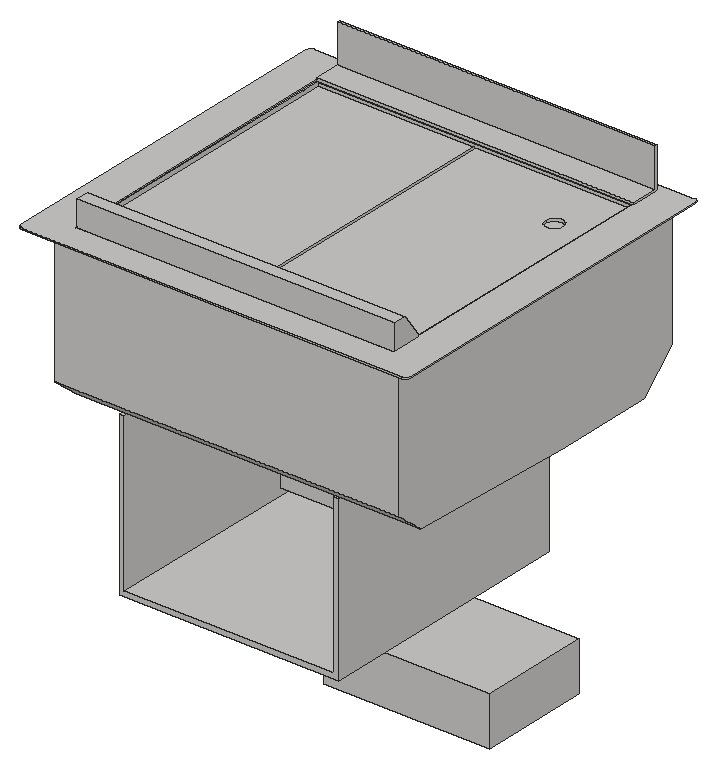
Revit family "QF_ELECTROLUXPROFESSIONAL_341046_D12C2", category Specialty Equipment, Revit 2018
Family settings
  Round Connector Dimension = Use Diameter
  Part Type = Normal
  Work Plane-Based = No
  Always vertical = Yes
  Cut with Voids When Loaded = No
  Shared = No
  Room Calculation Point = No
Parameters (values of type "Standard")
  Weight = 0.00 kg
  Watts = 0 W
  Volts = 220 V
  URL Manufacturer = "http://professional.electrolux.com"
  URL = "http://professional.electrolux.com"
  Steam Supply Size = 0 mm
  Steam Supply Minimum Pressure = 0.0 Pa
  Steam Supply Maximum Pressure = 0.0 Pa
  Steam Pounds per Hour = 0
  Show Clearance [instance] = yes
  Remote Electrical Box_Z [instance] = 200.00 mm
  Remote Electrical Box_Y [instance] = 500.00 mm
  Remote Electrical Box_X [instance] = 600.00 mm
  Refrigeration Suction Line Size = 0 mm
  Refrigeration Liquid Line Size = 0 mm
  Refrigerant Compressor Remote = yes
  Manufacturer = "Electrolux Professional"
  Phase = 1
  Model = "D12C2"
  Length Actual = 800.00 mm  # constant formula
  Item Number = "341046"
  Hot Water Size = 0 mm
  Height Actual = 710.00 mm  # constant formula
  HP = "0 HP"
  Gas Size = 0 mm
  Gas KW = 0
  Gas Input Pressure = 0 W
  Direct Waste Size = 25.4 mm
  Description = "DROP-IN REFRIGERATED WELL, VENTILATED, 2GN"
  Depth Actual = 750.00 mm  # constant formula
  Cycle = 50 Hz
  Controller_Y [instance] = 500.00 mm
  Controller_1Z [instance] = 200.00 mm
  Controller_1X [instance] = 300.00 mm
  Condensate Return Size = 0 mm
  Compressed Air Volume = 0.0 L/s
  Compressed Air Size = 0 mm
  Compressed Air Pressure = 0.0 Pa
  Cold Water Size = 0 mm
  Accessory = yes
Types (2, lengths in mm): name | Volts | URL Manufacturer | URL | Manufacturer | Phase | Model | Item Number | Description | Cycle
  341046.rfa | 0 V | "" | 0.00 | 0.00 | 0 | 0.00 | "" | 0.00 | 0 Hz
  Standard | 220 V | "http://professional.electrolux.com" | "http://professional.electrolux.com" | "Electrolux Professional" | 1 | "D12C2" | "341046" | "DROP-IN REFRIGERATED WELL, VENTILATED, 2GN" | 50 Hz
Reference planes
  plane 1 "Centro (Fronte/Retro)": y = 74.737
  plane 2: z = 0
  plane 3 "BACK": y = 449.737
  plane 4 "FRONT": y = -300.263
  plane 5 "RIGHT": x = -114.269
  plane 6 "LEFT": x = -914.269
  plane 7: x = -514.269
  plane 8 "TOP": z = 900
  plane 9: y = 417.737
  plane 10: y = -268.263
  plane 11: x = -160.769
  plane 12: x = -867.769
  plane 13: y = 418.957
  plane 14: y = -244.483
  plane 15: x = -840.269
  plane 16: x = -188.269
  plane 17: z = 898
  plane 18: x = -789.269
  plane 19: x = -339.269
  plane 20: x = -777.269
  plane 21: x = -351.269
  plane 22: x = -517.269
  plane 23: x = -511.269
  plane 24: x = -837.269
  plane 25: x = -191.269
  plane 26: y = -229.763
  plane 27: y = 404.237
  plane 28: z = 554
  plane 29: z = 220
  plane 30 "1": y = 258.737
  plane 31: x = -285.019
  plane 32: x = -258.269
  plane 33: y = -195.263
  plane 34: y = 344.737
  plane 35: x = -614.269
  plane 36: x = -314.269
  plane 37: y = -50.263
  plane 38: y = -50.263
  plane 39: z = 200
  plane 40: z = 200
Forms (mm)
  Extrusion 1, solid, material "QF_Finishes_Stainless Steel"
    sketch origin (0, 0, 900) x (-1, 0, 0) y (0, -1, 0)
      loop
        arc (904.269, -449.737) -> (911.34, -446.808) -> (914.269, -439.737) r 10
        line (914.269, -439.737) -> (914.269, 290.263)
        arc (914.269, 290.263) -> (911.34, 297.334) -> (904.269, 300.263) r 10
        line (904.269, 300.263) -> (124.269, 300.263)
        arc (124.269, 300.263) -> (117.198, 297.334) -> (114.269, 290.263) r 10
        line (114.269, 290.263) -> (114.269, -439.737)
        arc (114.269, -439.737) -> (117.198, -446.808) -> (124.269, -449.737) r 10
        line (124.269, -449.737) -> (904.269, -449.737)
      loop
        line (840.269, -418.957) -> (840.269, 244.483) -> (188.269, 244.483) -> (188.269, -418.957) -> (840.269, -418.957)
    from 0 to -2
  Extrusion 2, solid, material "QF_Finishes_Stainless Steel"
    sketch origin (232.311, 312.737, -30) x (0, -1, 0) y (0, 0, -1)
      loop
        line (107.587, -275.78) -> (-12.604, -275.78) -> (-12.604, -542.28) -> (107.587, -542.28) -> (107.587, -275.78)
    from -1009.58 to -583.58
  Extrusion 3, solid, material "QF_Finishes_Stainless Steel"
    sketch origin (231.731, 362.737, 0) x (0, -1, 0) y (0, 0, -1)
      loop
        line (625.5, -614.14) -> (569.68, -567.301) -> (204.019, -554) -> (-4.68, -554) -> (-74.5, -623.82) -> (-74.5, -898) -> (625.5, -898) -> (625.5, -614.14)
    from -1099.5 to -392.5
  Extrusion 4, solid, material "QF_Finishes_Stainless Steel"
    sketch origin (231.731, 362.737, 0) x (0, -1, 0) y (0, 0, -1)
      loop
        line (603, -950.5) -> (603, -898) -> (543, -898) -> (543, -905.079) -> (576, -950.5) -> (603, -950.5)
      loop
        line (-72, -983) -> (-67, -983) -> (-67, -903) -> (-12, -903) -> (-12, -898) -> (-72, -898) -> (-72, -983)
    from -1072 to -420
  Extrusion 5, void
    sketch origin (0, 0, 900) x (-1, 0, 0) y (0, -1, 0)
      loop
        line (837.269, 180.263) -> (191.269, 180.263) -> (191.269, -374.737) -> (837.269, -374.737) -> (837.269, 180.263)
    from 0 to -15
  Extrusion 6, solid, material "QF_Finishes_Stainless Steel"
    sketch origin (0, 0, 900) x (-1, 0, 0) y (0, -1, 0)
      loop
        line (517.269, -374.737) -> (837.269, -374.737) -> (837.269, 180.263) -> (517.269, 180.263) -> (517.269, -374.737)
    from -15 to -10
  Extrusion 7, solid, material "QF_Finishes_Stainless Steel"
    sketch origin (-1028.537, 0, 900) x (1, 0, 0) y (0, 1, 0)
      loop
        line (517.269, 374.737) -> (517.269, -180.263) -> (837.269, -180.263) -> (837.269, 374.737) -> (517.269, 374.737)
    from -15 to -10
  Extrusion 8, solid, material "QF_Finishes_Stainless Steel"
    sketch origin (0, 0, 900) x (-1, 0, 0) y (0, -1, 0)
      loop
        circle (258.269, -258.737) r 18
    from -346 to -391
  Extrusion 9, void
    sketch origin (0, 0, 900) x (-1, 0, 0) y (0, -1, 0)
      loop
        circle (258.269, -258.737) r 18
    from 14.206 to -364.69
  Extrusion 10, solid, material "QF_Finishes_Stainless Steel"
    sketch origin (231.731, -231.263, 456) x (0, 0, 1) y (-1, 0, 0)
      loop
        line (97.69, 1021) -> (-236, 1021) -> (-236, 571) -> (98, 571) -> (98, 581) -> (-226, 581) -> (-226, 1011) -> (97.69, 1011) -> (97.69, 1021)
    from -576 to -36
Cuts and joins
  Extrusion 5 cuts Extrusion 4
  Extrusion 5 cuts Extrusion 3
  Extrusion 9 cuts Extrusion 7
Lines and regions (mm)
  symbolic lines
    curve 1: line (-124.269, 449.737, 900) -> (-904.269, 449.737, 900)
    curve 2: arc (-904.269, 449.737, 900) -> (-911.34, 446.808, 900) -> (-914.269, 439.737, 900) r 10
    curve 3: line (-914.269, 439.737, 900) -> (-914.269, -290.263, 900)
    curve 4: arc (-914.269, -290.263, 900) -> (-911.34, -297.334, 900) -> (-904.269, -300.263, 900) r 10
    curve 5: line (-904.269, -300.263, 900) -> (-124.269, -300.263, 900)
    curve 6: arc (-124.269, -300.263, 900) -> (-117.198, -297.334, 900) -> (-114.269, -290.263, 900) r 10
    curve 7: line (-114.269, -290.263, 900) -> (-114.269, 439.737, 900)
    curve 8: arc (-114.269, 439.737, 900) -> (-117.198, 446.808, 900) -> (-124.269, 449.737, 900) r 10
    curve 9: line (-840.269, 434.737, 900) -> (-188.269, 434.737, 900)
    curve 10: line (-188.269, 434.737, 900) -> (-188.269, -244.483, 900)
    curve 11: line (-188.269, -244.483, 900) -> (-840.269, -244.483, 900)
    curve 12: line (-840.269, -244.483, 900) -> (-840.269, 434.737, 900)
    curve 13: line (-188.269, 429.737, 900) -> (-840.269, 429.737, 900)
    curve 14: line (-840.269, 374.737, 900) -> (-188.269, 374.737, 900)
    curve 15: line (-188.269, -180.263, 900) -> (-840.269, -180.263, 900)
    curve 16: line (-188.269, -213.263, 900) -> (-840.269, -213.263, 900)
    curve 17: line (-840.269, -240.263, 900) -> (-188.269, -240.263, 900)
    curve 18: line (-517.269, -180.263, 900) -> (-517.269, 374.737, 900)
    curve 19: line (-511.269, 374.737, 900) -> (-511.269, -180.263, 900)
    curve 20: line (-837.269, 374.737, 900) -> (-837.269, -180.263, 900)
    curve 21: line (-191.269, -180.263, 900) -> (-191.269, 374.737, 900)
    curve 22: arc (-276.269, 258.737, 900) -> (-258.269, 240.737, 900) -> (-240.269, 258.737, 900) r 18
    curve 23: arc (-240.269, 258.737, 900) -> (-258.269, 276.737, 900) -> (-276.269, 258.737, 900) r 18
  symbolic lines, style "SpecialityEquipmentHiddenLines"
    curve 24: line (-789.269, 344.737, 900) -> (-339.269, 344.737, 900)
    curve 25: line (-789.269, -195.263, 900) -> (-789.269, 344.737, 900)
    curve 26: line (-339.269, -195.263, 900) -> (-789.269, -195.263, 900)
    curve 27: line (-339.269, 344.737, 900) -> (-339.269, -195.263, 900)
    curve 28: line (-867.769, 437.237, 900) -> (-867.769, -262.763, 900)
    curve 29: line (-867.769, -262.763, 900) -> (-160.769, -262.763, 900)
    curve 30: line (-160.769, -262.763, 900) -> (-160.769, 437.237, 900)
    curve 31: line (-160.769, 437.237, 900) -> (-867.769, 437.237, 900)
Dimensions and locks
  plane 6 "LEFT" to plane 5 "RIGHT" = 800.00 mm
  equal spacing: plane 3 "BACK", plane 1 "Centro (Fronte/Retro)", plane 4 "FRONT"
  plane 3 "BACK" to plane 4 "FRONT" = 750.00 mm
  equal spacing: plane 6 "LEFT", plane 7, plane 5 "RIGHT"
  locked: plane 8 "TOP" to plane 2 at 900
  locked: plane 6 "LEFT" to plane 12 at 46.5
  locked: plane 11 to plane 5 "RIGHT" at 46.5
  locked: plane 3 "BACK" to plane 9 at 32
  locked: plane 10 to plane 4 "FRONT" at 32
  locked: plane 3 "BACK" to plane 13 at 30.78
  locked: plane 14 to plane 4 "FRONT" at 55.78
  plane 6 "LEFT" to plane 15 = 74.00 mm
  plane 16 to plane 5 "RIGHT" = 74.00 mm
  locked: plane 8 "TOP" to plane 17 at 2
  plane 19 to plane 18 = 450.00 mm
  locked: plane 20 to plane 18 at 12
  locked: plane 19 to plane 21 at 12
  locked: plane 22 to plane 23 at 6
  locked: plane 15 to plane 24 at 3
  locked: plane 25 to plane 16 at 3
  plane 19 to plane 7 to plane 18 = 175.00 mm, 275.00 mm
  plane 8 "TOP" to plane 28 = 346.00 mm
  plane 8 "TOP" to plane 29 = 680.00 mm
  plane 15 to plane 16 = 652.00 mm
  plane 18 to plane 6 "LEFT" = 125.00 mm
  plane 8 "TOP" to Extrusion 8 = 391.00 mm
  equal spacing: plane 33, plane 1 "Centro (Fronte/Retro)", plane 34
  plane 33 to plane 34 = 540.00 mm
  plane 28 to plane 29 = 334.00 mm
  "Controller_Y": plane 3 "BACK" to plane 38
  "Remote Electrical Box_Y": plane 3 "BACK" to plane 37
  "Controller_1X": plane 6 "LEFT" to plane 35
  "Remote Electrical Box_X": plane 6 "LEFT" to plane 36
  "Controller_1Z": plane 39 to plane 2
  "Remote Electrical Box_Z": plane 40 to plane 2
  aligned and locked: level to plane 2
  aligned and locked: Extrusion 1 sketch curve to plane 3 "BACK"
  aligned and locked: plane 6 "LEFT" to Extrusion 1 sketch curve
  aligned and locked: plane 4 "FRONT" to Extrusion 1 sketch curve
  aligned and locked: Extrusion 1 sketch curve to plane 5 "RIGHT"
  aligned and locked: Extrusion 1 sketch curve to plane 13
  aligned and locked: plane 15 to Extrusion 1 sketch curve
  aligned and locked: plane 14 to Extrusion 1 sketch curve
  aligned and locked: Extrusion 1 sketch curve to plane 16
  aligned and locked: Extrusion 1 to plane 17
  aligned and locked: Extrusion 2 to plane 20
  aligned and locked: plane 21 to Extrusion 2
  aligned and locked: Extrusion 1 to Extrusion 3 sketch curve
  aligned and locked: plane 11 to Extrusion 3
  aligned and locked: Extrusion 4 to Extrusion 1  (x2)
  aligned and locked: Extrusion 5 sketch curve to cut or joined group of Extrusion 4, Extrusion 5
  aligned and locked: Extrusion 5 sketch curve to plane 24
  aligned and locked: plane 25 to Extrusion 5 sketch curve
  aligned and locked: plane 22 to Extrusion 6 sketch curve
  aligned and locked: Extrusion 6 sketch curve to cut or joined group of Extrusion 3, Extrusion 5  (x2)
  aligned and locked: Extrusion 1 to Extrusion 4  (x2)
  aligned and locked: plane 28 to cut or joined group of Extrusion 3, Extrusion 5
  aligned and locked: plane 34 to Extrusion 10
  aligned and locked: Extrusion 10 to plane 33
  aligned and locked: Extrusion 3 to plane 12
  aligned and locked: plane 35 to nested 1
  aligned and locked: plane 36 to nested 2
  aligned and locked: plane 37 to nested 2
  aligned and locked: nested 1 to plane 38
  aligned and locked: plane 40 to nested 2
  aligned and locked: nested 1 to plane 39
Automatic sketch dimensions
  Extrusion 1 sketch curve to plane 5 "RIGHT" = 10.00 mm
  Extrusion 1 sketch curve to plane 3 "BACK" = 10.00 mm  (x2)
  Extrusion 1 sketch curve to Extrusion 1 sketch curve = 10.00 mm
  Extrusion 3 sketch curve to plane 3 "BACK" = 12.50 mm
  Extrusion 3 sketch curve to plane 1 "Centro (Fronte/Retro)" = 83.981 mm
  plane 10 to Extrusion 3 sketch curve = 5.50 mm
  Extrusion 7 sketch curve to plane 23 = 0.00 mm
  Extrusion 7 sketch curve to plane 25 = 0.00 mm
  plane 14 to Extrusion 3 sketch curve = 37.54 mm
  Extrusion 7 sketch curve to plane 14 = 64.22 mm
  Extrusion 2 sketch curve to plane 9 = 92.396 mm
  Extrusion 3 sketch curve to plane 9 = 50.32 mm
  plane 9 to Extrusion 7 sketch curve = 43.00 mm
  Extrusion 2 sketch curve to Extrusion 2 sketch curve = 120.191 mm
  level to Extrusion 2 sketch curve = 245.78 mm
  Extrusion 3 sketch curve to Extrusion 3 sketch curve = 46.839 mm
  Extrusion 2 sketch curve to Extrusion 2 sketch curve = 266.50 mm
  Extrusion 3 sketch curve to plane 17 = 283.86 mm
  Extrusion 3 sketch curve to plane 17 = 274.18 mm
  Extrusion 3 sketch curve to Extrusion 3 sketch curve = 69.82 mm
  Extrusion 4 sketch curve to plane 17 = 0.00 mm  (x2)
  Extrusion 4 sketch curve to plane 3 "BACK" = 15.00 mm
  Extrusion 4 sketch curve to Extrusion 4 sketch curve = 5.00 mm
  plane 8 "TOP" to Extrusion 4 sketch curve = 3.00 mm
  plane 27 to Extrusion 4 sketch curve = 29.50 mm
  plane 26 to Extrusion 4 sketch curve = 49.50 mm
  plane 26 to Extrusion 4 sketch curve = 16.50 mm
  plane 14 to Extrusion 4 sketch curve = 4.22 mm
  plane 8 "TOP" to Extrusion 4 sketch curve = 50.50 mm
  Extrusion 4 sketch curve to Extrusion 4 sketch curve = 80.00 mm
  plane 8 "TOP" to Extrusion 4 sketch curve = 5.079 mm
  plane 27 to Extrusion 5 sketch curve = 29.50 mm
  plane 27 to Extrusion 6 sketch curve = 29.50 mm
  Extrusion 8 sketch curve to plane 30 "1" = 0.00 mm
  Extrusion 8 sketch curve to plane 32 = 0.00 mm
  Extrusion 9 sketch curve to plane 30 "1" = 0.00 mm
  Extrusion 9 sketch curve to plane 32 = 0.00 mm
  Extrusion 10 sketch curve to plane 18 = 0.00 mm
  Extrusion 10 sketch curve to plane 29 = 0.00 mm
  Extrusion 10 sketch curve to plane 19 = 0.00 mm
  Extrusion 10 sketch curve to plane 28 = 0.00 mm
  Extrusion 10 sketch curve to plane 28 = 0.31 mm
  plane 21 to Extrusion 10 sketch curve = 2.00 mm
  plane 29 to Extrusion 10 sketch curve = 10.00 mm
  Extrusion 10 sketch curve to plane 20 = 2.00 mm
  curve 8 to plane 5 "RIGHT" = 0.00 mm
  curve 1 to plane 3 "BACK" = 0.00 mm
  curve 6 to plane 4 "FRONT" = 0.00 mm
  curve 29 to plane 11 = 0.00 mm
  curve 21 to plane 25 = 0.00 mm
  curve 22 to plane 30 "1" = 0.00 mm
  curve 22 to plane 32 = 0.00 mm
  curve 24 to plane 19 = 0.00 mm
  curve 19 to plane 23 = 0.00 mm
  curve 18 to plane 22 = 0.00 mm
  curve 25 to plane 18 = 0.00 mm
  curve 20 to plane 24 = 0.00 mm
  curve 14 to plane 15 = 0.00 mm
  curve 3 to plane 6 "LEFT" = 0.00 mm
  curve 25 to plane 34 = 0.00 mm
  curve 25 to plane 33 = 0.00 mm
  curve 10 to plane 14 = 0.00 mm
  curve 8 to curve 8 = 10.00 mm
  plane 4 "FRONT" to curve 6 = 10.00 mm
  curve 28 to plane 12 = 0.00 mm
  plane 6 "LEFT" to curve 5 = 10.00 mm
  curve 2 to curve 2 = 10.00 mm
  curve 28 to plane 3 "BACK" = 12.50 mm
  curve 9 to plane 3 "BACK" = 15.00 mm
  plane 10 to curve 29 = 5.50 mm
  plane 32 to curve 22 = 18.00 mm
  curve 9 to curve 13 = 5.00 mm
  plane 33 to curve 21 = 15.00 mm
  plane 26 to curve 16 = 16.50 mm
  plane 14 to curve 17 = 4.22 mm
  curve 13 to plane 16 = 0.00 mm
  plane 27 to curve 21 = 29.50 mm
  radius of Extrusion 8 sketch curve = 18.00 mm
  radius of Extrusion 9 sketch curve = 18.00 mm
Nested families
  nested 1: "Controller" at (-614.269, -50.263, 200), type "Controller"
  nested 2: "Remote_Electrical_Box" at (-314.269, 64.737, 100), type "Remote_Electrical_Box"
  nested 3: "Refrigerator" at (-294.269, -110.263, 900), type "Refrigerator"
Connectors
  piping at (-258.269, 258.737, 509), diameter 36
    settings: on Extrusion 8, index 1, connector inside diameter 609.6 mm, connector length 0.00 mm, flow factor 0, pipe flow 0.0 L/s, pressure drop 0.0 Pa, fitting loss kfactor 0, connector angle 0.00°, fixture units 0, engagement length 0.00 mm, angle of deflection 0.00°, flow configuration 1, flow direction 1, fitting loss method 0, system type 16, joint type 0, gender type 0, connector reference index -1, connector utility 0, adjustable connector no, is connector primary yes, connector description "Drain"
  electrical at (-444.269, -77.263, 149.381)
    settings: on nested 2, index 2, voltage 0 V, apparent load 0 VA, apparent load phase1 0 VA, apparent load phase2 0 VA, apparent load phase3 0 VA, power factor 1, load classification "Altro", number of poles 1, system type 14, power factor state 1, is connector primary yes, connector utility no, sub classification motor no, connector description ""
Definition of nested family "Controller"
  Reference planes
    plane 1 "Center (Front/Back)": y = 0
    plane 2: z = 0
    plane 3 "Center (Left/Right)": x = 0
  Forms (mm)
    Extrusion 1, solid
      sketch origin (0, 44.769, -48.2) x (1, 0, 0) y (0, 1, 0)
        loop
          line (-76, 43.231) -> (-76, -47.65) -> (76, -47.65) -> (76, 43.231) -> (-76, 43.231)
      from 6.2 to 48.2
    Extrusion 2, solid
      sketch origin (0, 44.769, -48.2) x (1, 0, 0) y (0, 0, 1)
        loop
          line (-92.25, 54.4) -> (-92.25, 0) -> (92.25, 0) -> (92.25, 54.4) -> (-92.25, 54.4)
        loop
          line (-76, 48.2) -> (-76, 6.2) -> (76, 6.2) -> (76, 48.2) -> (-76, 48.2)
      from 44.769 to 47.65
    Extrusion 3, solid
      sketch origin (76, -2.881, -48.2) x (-1, 0, 0) y (0, 0, -1)
        loop
          line (106, -37.2) -> (126, -37.2) -> (126, -17.2) -> (106, -17.2) -> (106, -37.2)
        loop
          line (66, -37.2) -> (86, -37.2) -> (86, -17.2) -> (66, -17.2) -> (66, -37.2)
        loop
          line (26, -37.2) -> (46, -37.2) -> (46, -17.2) -> (26, -17.2) -> (26, -37.2)
      from 0 to 2
    Extrusion 4, void
      sketch origin (0, 0, 0) x (1, 0, 0) y (0, 1, 0)
        loop
          line (76, 88) -> (-76, 88) -> (-76, 0) -> (76, 0) -> (76, 88)
      from 0 to -42
  Cuts and joins
    Extrusion 4 cuts Extrusion 2
    joined: Extrusion 1, Extrusion 2
  Lines and regions (mm)
    symbolic lines
      curve 1: line (-76, 88, 0) -> (-76, 0, 0)
      curve 2: line (76, 88, 0) -> (-76, 88, 0)
      curve 3: line (76, 0, 0) -> (76, 88, 0)
      curve 4: line (-92.25, -2.881, 0) -> (92.25, -2.881, 0)
      curve 5: line (-92.25, 0, 0) -> (-92.25, -2.881, 0)
      curve 6: line (92.25, 0, 0) -> (-92.25, 0, 0)
      curve 7: line (92.25, -2.881, 0) -> (92.25, 0, 0)
  Dimensions and locks
    aligned and locked: level to plane 2
Definition of nested family "Remote_Electrical_Box"
  Parameters (values of type "Remote_Electrical_Box")
    Default Elevation = 1219.20 mm
  Reference planes
    plane 1 "Center (Front/Back)": y = 0
    plane 2: z = 0
    plane 3 "Center (Left/Right)": x = 0
    plane 4: x = -170
    plane 5: x = 170
    plane 6: y = 115
    plane 7: y = -115
    plane 8: z = 100
    plane 9: z = 50
  Forms (mm)
    Extrusion 1, solid
      sketch origin (0, 0, 0) x (1, 0, 0) y (0, 1, 0)
        loop
          line (-170, 115) -> (-170, -115) -> (170, -115) -> (170, 115) -> (-170, 115)
      from 0 to 100
    Extrusion 2, solid
      sketch origin (0, 0, 0) x (1, 0, 0) y (0, 0, 1)
        loop
          circle (-130, 49.381) r 13
      from 115 to 142
  Lines and regions (mm)
    symbolic lines
      curve 1: line (-170, 115, 0) -> (170, 115, 0)
      curve 2: line (-170, -115, 0) -> (-170, 115, 0)
      curve 3: line (170, -115, 0) -> (-170, -115, 0)
      curve 4: line (170, 115, 0) -> (170, -115, 0)
      curve 5: line (-143, -142, 0) -> (-117, -142, 0)
      curve 6: line (-143, -142, 0) -> (-143, -115, 0)
      curve 7: line (-117, -142, 0) -> (-117, -115, 0)
  Dimensions and locks
    equal spacing: plane 4, plane 3 "Center (Left/Right)", plane 5
    equal spacing: plane 6, plane 1 "Center (Front/Back)", plane 7
    plane 4 to plane 5 = 340.00 mm
    plane 6 to plane 7 = 230.00 mm
    Extrusion 1 to Extrusion 2 sketch curve = 40.00 mm
    equal spacing: plane 8, plane 9, plane 2
    aligned and locked: level to plane 2
    aligned and locked: Extrusion 1 sketch curve to plane 6
    aligned and locked: plane 4 to Extrusion 1 sketch curve
    aligned and locked: plane 7 to Extrusion 1 sketch curve
    aligned and locked: Extrusion 1 sketch curve to plane 5
    aligned and locked: plane 7 to Extrusion 2
    aligned and locked: plane 8 to Extrusion 1
  Automatic sketch dimensions
    level to Extrusion 2 sketch curve = 49.381 mm
    curve 3 to plane 4 = 0.00 mm
    curve 7 to plane 7 = 0.00 mm
    curve 3 to plane 5 = 0.00 mm
    curve 2 to plane 6 = 0.00 mm
    plane 4 to curve 6 = 27.00 mm
    curve 5 to curve 6 = 27.00 mm
    curve 6 to curve 7 = 26.00 mm
    radius of Extrusion 2 sketch curve = 13.00 mm
Definition of nested family "Refrigerator"
  Reference planes
    plane 1 "Center (Front/Back)": y = 0
    plane 2: z = 0
    plane 3 "Center (Left/Right)": x = 0
  Lines and regions (mm)
    detail lines, in view "Ref. Level"
      curve 1: line (0, -60, 0) -> (0, 60, 0)
      curve 2: line (-51.962, 30, 0) -> (51.962, -30, 0)
      curve 3: line (-51.962, -30, 0) -> (51.962, 30, 0)
      curve 4: line (19.116, 56.873, 0) -> (0, 35, 0)
      curve 5: line (0, 35, 0) -> (-19.116, 56.873, 0)
      curve 6: line (-30.311, 17.5, 0) -> (-40, 45.883, 0)
      curve 7: line (-59.736, 11.7, 0) -> (-30.311, 17.5, 0)
      curve 8: line (-30.311, -17.5, 0) -> (-59.736, -11.7, 0)
      curve 9: line (-40, -45.883, 0) -> (-30.311, -17.5, 0)
      curve 10: line (0, -35, 0) -> (-19.116, -56.873, 0)
      curve 11: line (19.116, -56.873, 0) -> (0, -35, 0)
      curve 12: line (30.311, -17.5, 0) -> (39.696, -44.992, 0)
      curve 13: line (58.812, -11.882, 0) -> (30.311, -17.5, 0)
      curve 14: line (30.311, 17.5, 0) -> (58.812, 11.882, 0)
      curve 15: line (39.696, 44.992, 0) -> (30.311, 17.5, 0)
